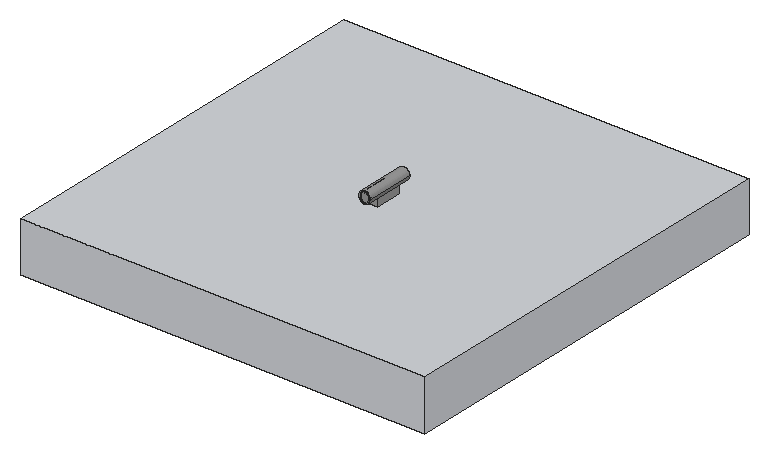
Revit family "LAMP_LUP WALL 70 DIRECT", category Luminarias, Revit 2018 (continued)
Types (2, lengths in mm): name | built-in parameter 1150107 | Product datasheet | Product code | built-in parameter 1150142 | built-in parameter 1150105 | built-in parameter 1150106 | Lumens | built-in parameter 1150104 | Efficacy | Archivo de red fotométrica
    0 0.00 0.00 0.00 0.00 0.00 0.00 0.00 0.00 \r\n0.00 0.00 0.00 \r\n455.10 519.06 571.98 620.30 667.84 704.68 728.46 735.39 \r\n732.36 720.10 696.24 665.81 629.59 582.14 540.26 506.31 \r\n477.16 450.80 425.61 388.46 340.11 280.19 201.38 133.51 \r\n78.88 50.88 34.09 27.81 24.73 21.54 18.10 14.51 11.42 \r\n8.89 6.96 5.41 4.20 3.34 2.58 1.90 1.35 0.90 0.55 0.32 \r\n0.19 0.00 0.00 0.00 0.00 0.00 0.00 0.00 0.00 0.00 0.00 \r\n0.00 0.00 0.00 0.00 0.00 0.00 0.00 0.00 0.00 0.00 0.00 \r\n0.00 0.00 0.00 0.00 0.00 0.00 0.00 0.00 0.00 0.00 0.00 \r\n0.00 0.00 0.00 0.00 0.00 0.00 0.00 0.00 0.00 0.00 0.00 \r\n0.00 0.00 0.00 \r\n455.10 516.10 566.12 611.38 654.20 686.90 709.05 713.63 \r\n708.91 694.95 671.86 643.24 608.09 563.84 525.45 493.57 \r\n466.56 441.43 417.08 377.86 328.14 267.64 189.69 124.09 \r\n72.90 48.03 33.09 27.33 24.11 20.87 17.40 13.89 10.92 \r\n8.53 6.74 5.28 4.11 3.29 2.54 1.86 1.33 0.89 0.54 0.32 \r\n0.18 0.00 0.00 0.00 0.00 0.00 0.00 0.00 0.00 0.00 0.00 \r\n0.00 0.00 0.00 0.00 0.00 0.00 0.00 0.00 0.00 0.00 0.00 \r\n0.00 0.00 0.00 0.00 0.00 0.00 0.00 0.00 0.00 0.00 0.00 \r\n0.00 0.00 0.00 0.00 0.00 0.00 0.00 0.00 0.00 0.00 0.00 \r\n0.00 0.00 0.00 \r\n455.10 513.06 560.18 602.43 640.36 668.82 687.99 691.59 \r\n685.75 671.12 647.83 619.43 586.32 545.80 510.06 480.82 \r\n456.15 432.17 407.87 367.23 316.17 254.93 178.01 114.69 \r\n67.12 45.10 32.11 26.76 23.49 20.19 16.70 13.26 10.41 \r\n8.15 6.51 5.15 4.04 3.22 2.50 1.84 1.31 0.88 0.52 0.31 \r\n0.18 0.00 0.00 0.00 0.00 0.00 0.00 0.00 0.00 0.00 0.00 \r\n0.00 0.00 0.00 0.00 0.00 0.00 0.00 0.00 0.00 0.00 0.00 \r\n0.00 0.00 0.00 0.00 0.00 0.00 0.00 0.00 0.00 0.00 0.00 \r\n0.00 0.00 0.00 0.00 0.00 0.00 0.00 0.00 0.00 0.00 0.00 \r\n0.00 0.00 0.00 \r\n455.10 509.96 554.17 593.47 626.53 650.83 666.70 669.19 \r\n662.25 646.51 623.68 596.36 565.25 527.71 495.09 468.42 \r\n445.74 422.91 398.37 356.63 304.18 241.55 166.30 105.19 \r\n60.79 42.19 31.12 26.17 22.86 19.51 16.00 12.64 9.91 7.84 \r\n6.30 5.01 3.95 3.17 2.45 1.82 1.29 0.87 0.53 0.31 0.18 \r\n0.00 0.00 0.00 0.00 0.00 0.00 0.00 0.00 0.00 0.00 0.00 \r\n0.00 0.00 0.00 0.00 0.00 0.00 0.00 0.00 0.00 0.00 0.00 \r\n0.00 0.00 0.00 0.00 0.00 0.00 0.00 0.00 0.00 0.00 0.00 \r\n0.00 0.00 0.00 0.00 0.00 0.00 0.00 0.00 0.00 0.00 0.00 \r\n0.00 0.00 \r\n455.10 506.79 548.08 584.49 612.75 632.94 646.19 647.32 \r\n639.20 622.57 599.47 573.14 543.22 509.19 479.73 455.50 \r\n435.02 413.54 389.59 346.09 292.11 228.73 154.64 95.79 \r\n54.60 39.26 30.15 25.60 22.24 18.83 15.30 12.03 9.41 7.48 \r\n6.07 4.88 3.88 3.11 2.41 1.78 1.27 0.85 0.53 0.30 0.18 \r\n0.00 0.00 0.00 0.00 0.00 0.00 0.00 0.00 0.00 0.00 0.00 \r\n0.00 0.00 0.00 0.00 0.00 0.00 0.00 0.00 0.00 0.00 0.00 \r\n0.00 0.00 0.00 0.00 0.00 0.00 0.00 0.00 0.00 0.00 0.00 \r\n0.00 0.00 0.00 0.00 0.00 0.00 0.00 0.00 0.00 0.00 0.00 \r\n0.00 0.00 \r\n455.10 503.58 541.94 575.30 599.00 616.63 627.33 627.35 \r\n617.73 600.97 578.48 552.49 524.33 493.21 466.27 444.18 \r\n425.05 404.44 380.81 335.41 280.15 216.01 143.30 86.76 \r\n48.70 36.54 29.18 25.00 21.60 18.15 14.61 11.42 8.93 7.15 \r\n5.87 4.76 3.80 3.06 2.38 1.76 1.26 0.85 0.52 0.30 0.18 \r\n0.00 0.00 0.00 0.00 0.00 0.00 0.00 0.00 0.00 0.00 0.00 \r\n0.00 0.00 0.00 0.00 0.00 0.00 0.00 0.00 0.00 0.00 0.00 \r\n0.00 0.00 0.00 0.00 0.00 0.00 0.00 0.00 0.00 0.00 0.00 \r\n0.00 0.00 0.00 0.00 0.00 0.00 0.00 0.00 0.00 0.00 0.00 \r\n0.00 0.00 \r\n455.10 500.35 535.76 565.90 586.80 601.93 610.23 608.70 \r\n599.02 582.68 561.26 537.19 510.86 481.95 456.94 435.88 \r\n417.11 395.84 370.02 323.69 268.21 204.65 134.48 81.10 \r\n46.37 35.24 28.35 24.19 20.80 17.42 14.00 10.99 8.65 6.97 \r\n5.74 4.67 3.73 3.00 2.34 1.74 1.25 0.84 0.52 0.30 0.18 \r\n0.00 0.00 0.00 0.00 0.00 0.00 0.00 0.00 0.00 0.00 0.00 \r\n0.00 0.00 0.00 0.00 0.00 0.00 0.00 0.00 0.00 0.00 0.00 \r\n0.00 0.00 0.00 0.00 0.00 0.00 0.00 0.00 0.00 0.00 0.00 \r\n0.00 0.00 0.00 0.00 0.00 0.00 0.00 0.00 0.00 0.00 0.00 \r\n0.00 0.00 \r\n455.10 497.08 529.52 556.51 574.83 587.48 594.20 591.03 \r\n581.45 565.93 546.08 524.06 499.65 472.81 449.08 428.95 \r\n409.75 387.35 360.25 312.12 256.08 193.31 126.09 75.88 \r\n44.36 34.08 27.53 23.31 19.98 16.68 13.42 10.59 8.38 6.81 \r\n5.62 4.59 3.68 2.96 2.31 1.72 1.24 0.84 0.52 0.30 0.18 \r\n0.00 0.00 0.00 0.00 0.00 0.00 0.00 0.00 0.00 0.00 0.00 \r\n0.00 0.00 0.00 0.00 0.00 0.00 0.00 0.00 0.00 0.00 0.00 \r\n0.00 0.00 0.00 0.00 0.00 0.00 0.00 0.00 0.00 0.00 0.00 \r\n0.00 0.00 0.00 0.00 0.00 0.00 0.00 0.00 0.00 0.00 0.00 \r\n0.00 0.00 \r\n455.10 493.78 523.19 547.17 563.01 573.29 577.86 573.50 \r\n564.20 549.99 531.75 511.07 488.61 463.45 441.07 421.71 \r\n402.27 378.89 349.66 300.38 243.94 182.05 117.92 70.78 \r\n42.14 32.90 26.70 22.50 19.15 15.94 12.80 10.17 8.12 6.63 \r\n5.50 4.50 3.62 2.92 2.28 1.70 1.24 0.84 0.52 0.30 0.18 \r\n0.00 0.00 0.00 0.00 0.00 0.00 0.00 0.00 0.00 0.00 0.00 \r\n0.00 0.00 0.00 0.00 0.00 0.00 0.00 0.00 0.00 0.00 0.00 \r\n0.00 0.00 0.00 0.00 0.00 0.00 0.00 0.00 0.00 0.00 0.00 \r\n0.00 0.00 0.00 0.00 0.00 0.00 0.00 0.00 0.00 0.00 0.00 \r\n0.00 0.00 \r\n455.10 490.45 516.82 537.88 551.32 559.14 561.36 556.44 \r\n547.15 533.61 517.14 498.57 477.79 454.17 433.11 414.53 \r\n394.94 370.40 339.78 288.74 231.99 170.73 109.49 65.72 \r\n39.82 31.75 25.86 21.66 18.34 15.20 12.23 9.77 7.86 6.49 \r\n5.39 4.41 3.54 2.87 2.25 1.67 1.22 0.84 0.51 0.30 0.18 \r\n0.00 0.00 0.00 0.00 0.00 0.00 0.00 0.00 0.00 0.00 0.00 \r\n0.00 0.00 0.00 0.00 0.00 0.00 0.00 0.00 0.00 0.00 0.00 \r\n0.00 0.00 0.00 0.00 0.00 0.00 0.00 0.00 0.00 0.00 0.00 \r\n0.00 0.00 0.00 0.00 0.00 0.00 0.00 0.00 0.00 0.00 0.00 \r\n0.00 0.00 \r\n455.10 487.09 510.44 528.65 539.71 545.05 545.31 539.32 \r\n529.61 517.83 502.61 485.58 466.75 445.15 425.26 407.36 \r\n387.49 361.93 329.00 277.03 219.78 159.43 101.16 60.50 \r\n38.56 30.59 25.04 20.79 17.51 14.46 11.62 9.36 7.61 6.32 \r\n5.27 4.33 3.50 2.83 2.22 1.66 1.22 0.83 0.51 0.30 0.18 \r\n0.00 0.00 0.00 0.00 0.00 0.00 0.00 0.00 0.00 0.00 0.00 \r\n0.00 0.00 0.00 0.00 0.00 0.00 0.00 0.00 0.00 0.00 0.00 \r\n0.00 0.00 0.00 0.00 0.00 0.00 0.00 0.00 0.00 0.00 0.00 \r\n0.00 0.00 0.00 0.00 0.00 0.00 0.00 0.00 0.00 0.00 0.00 \r\n0.00 0.00 \r\n455.10 483.72 504.05 519.47 528.07 531.10 529.44 522.14 \r\n512.92 501.39 488.09 472.78 455.63 435.99 417.32 400.29 \r\n380.11 353.48 319.84 265.36 207.82 148.21 92.85 55.36 \r\n36.13 29.43 24.21 19.98 16.70 13.72 11.02 8.96 7.35 6.15 \r\n5.15 4.25 3.44 2.78 2.19 1.65 1.21 0.83 0.50 0.30 0.18 \r\n0.00 0.00 0.00 0.00 0.00 0.00 0.00 0.00 0.00 0.00 0.00 \r\n0.00 0.00 0.00 0.00 0.00 0.00 0.00 0.00 0.00 0.00 0.00 \r\n0.00 0.00 0.00 0.00 0.00 0.00 0.00 0.00 0.00 0.00 0.00 \r\n0.00 0.00 0.00 0.00 0.00 0.00 0.00 0.00 0.00 0.00 0.00 \r\n0.00 0.00 \r\n455.10 480.29 497.64 510.33 516.49 517.32 513.84 505.46 \r\n496.00 485.66 473.25 459.97 444.43 426.54 409.09 392.93 \r\n372.74 344.73 308.32 253.54 195.74 136.88 84.40 50.23 \r\n34.48 28.29 23.39 19.14 15.87 12.99 10.46 8.55 7.09 6.00 \r\n5.03 4.16 3.38 2.74 2.16 1.64 1.20 0.83 0.50 0.30 0.18 \r\n0.00 0.00 0.00 0.00 0.00 0.00 0.00 0.00 0.00 0.00 0.00 \r\n0.00 0.00 0.00 0.00 0.00 0.00 0.00 0.00 0.00 0.00 0.00 \r\n0.00 0.00 0.00 0.00 0.00 0.00 0.00 0.00 0.00 0.00 0.00 \r\n0.00 0.00 0.00 0.00 0.00 0.00 0.00 0.00 0.00 0.00 0.00 \r\n0.00 0.00 \r\n455.10 476.81 491.24 501.15 504.98 503.86 498.64 489.94 \r\n479.86 470.18 458.93 446.11 432.53 415.18 399.26 382.89 \r\n362.24 333.69 296.29 241.25 183.90 126.62 77.86 46.37 \r\n32.45 27.13 22.48 18.25 15.15 12.39 10.00 8.25 6.88 5.85 \r\n4.92 4.07 3.31 2.69 2.13 1.62 1.20 0.82 0.51 0.30 0.18 \r\n0.00 0.00 0.00 0.00 0.00 0.00 0.00 0.00 0.00 0.00 0.00 \r\n0.00 0.00 0.00 0.00 0.00 0.00 0.00 0.00 0.00 0.00 0.00 \r\n0.00 0.00 0.00 0.00 0.00 0.00 0.00 0.00 0.00 0.00 0.00 \r\n0.00 0.00 0.00 0.00 0.00 0.00 0.00 0.00 0.00 0.00 0.00 \r\n0.00 0.00 \r\n455.10 473.31 484.84 492.00 493.52 490.64 484.16 474.94 \r\n464.96 455.24 444.28 432.14 418.69 402.56 386.76 370.60 \r\n349.01 319.74 282.96 227.78 172.50 118.18 72.80 43.93 \r\n31.46 25.96 21.48 17.50 14.52 11.93 9.66 8.04 6.73 5.73 \r\n4.82 3.99 3.24 2.65 2.10 1.60 1.19 0.82 0.51 0.30 0.17 \r\n0.00 0.00 0.00 0.00 0.00 0.00 0.00 0.00 0.00 0.00 0.00 \r\n0.00 0.00 0.00 0.00 0.00 0.00 0.00 0.00 0.00 0.00 0.00 \r\n0.00 0.00 0.00 0.00 0.00 0.00 0.00 0.00 0.00 0.00 0.00 \r\n0.00 0.00 0.00 0.00 0.00 0.00 0.00 0.00 0.00 0.00 0.00 \r\n0.00 0.00 \r\n455.10 469.80 478.44 482.89 482.00 477.64 470.05 460.18 \r\n450.47 440.38 429.68 418.05 404.86 389.65 374.17 358.37 \r\n335.72 305.73 267.57 214.29 160.91 108.77 67.75 41.47 \r\n29.88 24.81 20.49 16.67 13.88 11.48 9.41 7.83 6.58 5.60 \r\n4.71 3.90 3.17 2.61 2.08 1.58 1.19 0.82 0.51 0.30 0.17 \r\n0.00 0.00 0.00 0.00 0.00 0.00 0.00 0.00 0.00 0.00 0.00 \r\n0.00 0.00 0.00 0.00 0.00 0.00 0.00 0.00 0.00 0.00 0.00 \r\n0.00 0.00 0.00 0.00 0.00 0.00 0.00 0.00 0.00 0.00 0.00 \r\n0.00 0.00 0.00 0.00 0.00 0.00 0.00 0.00 0.00 0.00 0.00 \r\n0.00 0.00 \r\n455.10 466.28 472.05 473.82 470.56 464.41 456.14 445.71 \r\n435.57 425.66 415.20 403.67 391.14 376.74 361.58 345.85 \r\n322.40 291.69 252.88 201.12 149.30 99.56 62.83 39.03 \r\n28.27 23.65 19.51 15.81 13.25 11.03 9.12 7.63 6.43 5.47 \r\n4.60 3.81 3.11 2.56 2.05 1.57 1.18 0.82 0.52 0.30 0.16 \r\n0.00 0.00 0.00 0.00 0.00 0.00 0.00 0.00 0.00 0.00 0.00 \r\n0.00 0.00 0.00 0.00 0.00 0.00 0.00 0.00 0.00 0.00 0.00 \r\n0.00 0.00 0.00 0.00 0.00 0.00 0.00 0.00 0.00 0.00 0.00 \r\n0.00 0.00 0.00 0.00 0.00 0.00 0.00 0.00 0.00 0.00 0.00 \r\n0.00 0.00 \r\n455.10 462.75 465.56 464.80 459.21 451.31 441.78 431.24 \r\n421.05 410.91 400.48 389.41 377.50 363.78 349.00 333.02 \r\n309.07 277.71 238.59 187.77 137.95 91.29 57.84 36.61 \r\n27.13 22.48 18.51 14.94 12.62 10.58 8.83 7.42 6.28 5.34 \r\n4.49 3.73 3.05 2.52 2.02 1.55 1.17 0.83 0.52 0.30 0.16 \r\n0.00 0.00 0.00 0.00 0.00 0.00 0.00 0.00 0.00 0.00 0.00 \r\n0.00 0.00 0.00 0.00 0.00 0.00 0.00 0.00 0.00 0.00 0.00 \r\n0.00 0.00 0.00 0.00 0.00 0.00 0.00 0.00 0.00 0.00 0.00 \r\n0.00 0.00 0.00 0.00 0.00 0.00 0.00 0.00 0.00 0.00 0.00 \r\n0.00 0.00 \r\n455.10 459.22 459.09 455.66 447.93 438.37 427.66 416.69 \r\n406.20 396.12 385.92 375.24 363.85 350.76 336.44 320.30 \r\n295.72 263.73 224.46 174.46 126.44 82.65 52.85 34.17 \r\n25.83 21.32 17.52 14.14 11.99 10.13 8.54 7.22 6.12 5.22 \r\n4.39 3.65 2.99 2.47 1.99 1.53 1.17 0.83 0.52 0.29 0.15 \r\n0.00 0.00 0.00 0.00 0.00 0.00 0.00 0.00 0.00 0.00 0.00 \r\n0.00 0.00 0.00 0.00 0.00 0.00 0.00 0.00 0.00 0.00 0.00 \r\n0.00 0.00 0.00 0.00 0.00 0.00 0.00 0.00 0.00 0.00 0.00 \r\n0.00 0.00 0.00 0.00 0.00 0.00 0.00 0.00 0.00 0.00 0.00 \r\n0.00 0.00 \r\n455.10 455.69 452.64 446.50 436.46 425.28 413.53 402.18 \r\n391.64 381.43 371.34 360.95 350.08 337.78 323.93 307.65 \r\n282.38 249.73 210.14 161.14 115.00 73.86 47.83 31.71 \r\n24.43 20.16 16.53 13.33 11.36 9.67 8.24 7.01 5.97 5.09 \r\n4.28 3.56 2.92 2.43 1.96 1.52 1.16 0.83 0.52 0.29 0.15 \r\n0.00 0.00 0.00 0.00 0.00 0.00 0.00 0.00 0.00 0.00 0.00 \r\n0.00 0.00 0.00 0.00 0.00 0.00 0.00 0.00 0.00 0.00 0.00 \r\n0.00 0.00 0.00 0.00 0.00 0.00 0.00 0.00 0.00 0.00 0.00 \r\n0.00 0.00 0.00 0.00 0.00 0.00 0.00 0.00 0.00 0.00 0.00 \r\n0.00 0.00 \r\n455.10 452.17 446.21 437.40 425.08 412.16 399.18 386.63 \r\n375.17 364.72 354.48 344.16 333.57 321.60 308.12 292.08 \r\n266.37 233.65 194.55 147.32 103.64 65.62 43.18 29.42 \r\n23.09 19.02 15.56 12.55 10.76 9.25 7.95 6.81 5.81 4.96 \r\n4.18 3.47 2.86 2.38 1.93 1.50 1.16 0.83 0.52 0.29 0.15 \r\n0.00 0.00 0.00 0.00 0.00 0.00 0.00 0.00 0.00 0.00 0.00 \r\n0.00 0.00 0.00 0.00 0.00 0.00 0.00 0.00 0.00 0.00 0.00 \r\n0.00 0.00 0.00 0.00 0.00 0.00 0.00 0.00 0.00 0.00 0.00 \r\n0.00 0.00 0.00 0.00 0.00 0.00 0.00 0.00 0.00 0.00 0.00 \r\n0.00 0.00 \r\n455.10 448.65 439.81 428.34 413.79 399.16 384.99 371.28 \r\n358.90 347.74 336.73 325.66 314.33 301.46 287.30 270.95 \r\n245.17 213.53 176.73 133.56 94.18 60.40 40.45 28.04 22.12 \r\n18.20 14.89 12.09 10.43 9.01 7.78 6.66 5.68 4.85 4.09 \r\n3.41 2.81 2.34 1.91 1.50 1.17 0.84 0.52 0.30 0.16 0.00 \r\n0.00 0.00 0.00 0.00 0.00 0.00 0.00 0.00 0.00 0.00 0.00 \r\n0.00 0.00 0.00 0.00 0.00 0.00 0.00 0.00 0.00 0.00 0.00 \r\n0.00 0.00 0.00 0.00 0.00 0.00 0.00 0.00 0.00 0.00 0.00 \r\n0.00 0.00 0.00 0.00 0.00 0.00 0.00 0.00 0.00 0.00 0.00 \r\n0.00 \r\n455.10 445.14 433.45 419.34 402.59 386.22 370.68 355.54 \r\n341.84 329.57 317.50 305.38 292.95 278.89 263.90 247.32 \r\n222.24 192.49 158.68 120.19 85.41 55.85 38.14 26.88 21.23 \r\n17.49 14.35 11.70 10.16 8.81 7.62 6.52 5.56 4.74 4.01 \r\n3.35 2.77 2.32 1.89 1.50 1.18 0.85 0.53 0.30 0.16 0.00 \r\n0.00 0.00 0.00 0.00 0.00 0.00 0.00 0.00 0.00 0.00 0.00 \r\n0.00 0.00 0.00 0.00 0.00 0.00 0.00 0.00 0.00 0.00 0.00 \r\n0.00 0.00 0.00 0.00 0.00 0.00 0.00 0.00 0.00 0.00 0.00 \r\n0.00 0.00 0.00 0.00 0.00 0.00 0.00 0.00 0.00 0.00 0.00 \r\n0.00 \r\n455.10 441.65 427.10 410.38 391.39 373.32 356.36 339.85 \r\n324.92 311.48 298.28 285.05 271.51 256.33 240.51 223.77 \r\n199.32 171.44 140.62 106.81 76.65 51.19 35.83 25.72 20.32 \r\n16.77 13.81 11.32 9.89 8.61 7.46 6.38 5.44 4.63 3.93 3.30 \r\n2.73 2.29 1.88 1.50 1.18 0.86 0.54 0.30 0.16 0.00 0.00 \r\n0.00 0.00 0.00 0.00 0.00 0.00 0.00 0.00 0.00 0.00 0.00 \r\n0.00 0.00 0.00 0.00 0.00 0.00 0.00 0.00 0.00 0.00 0.00 \r\n0.00 0.00 0.00 0.00 0.00 0.00 0.00 0.00 0.00 0.00 0.00 \r\n0.00 0.00 0.00 0.00 0.00 0.00 0.00 0.00 0.00 0.00 0.00 \r\n455.10 438.17 420.79 401.44 380.28 360.52 342.17 324.14 \r\n307.87 293.36 279.10 264.76 250.08 233.72 217.12 200.31 \r\n176.37 150.42 122.63 93.43 67.90 46.37 33.51 24.54 19.37 \r\n16.06 13.26 11.00 9.62 8.41 7.31 6.24 5.31 4.52 3.85 3.24 \r\n2.69 2.26 1.86 1.50 1.19 0.87 0.55 0.30 0.16 0.00 0.00 \r\n0.00 0.00 0.00 0.00 0.00 0.00 0.00 0.00 0.00 0.00 0.00 \r\n0.00 0.00 0.00 0.00 0.00 0.00 0.00 0.00 0.00 0.00 0.00 \r\n0.00 0.00 0.00 0.00 0.00 0.00 0.00 0.00 0.00 0.00 0.00 \r\n0.00 0.00 0.00 0.00 0.00 0.00 0.00 0.00 0.00 0.00 0.00 \r\n455.10 434.71 414.64 392.57 369.26 347.80 327.82 308.40 \r\n290.91 275.24 259.87 244.48 228.69 211.12 193.72 176.55 \r\n153.42 129.40 104.64 80.09 59.16 42.15 31.19 23.37 18.56 \r\n15.34 12.72 10.65 9.35 8.22 7.15 6.10 5.19 4.42 3.78 3.19 \r\n2.65 2.23 1.85 1.49 1.20 0.89 0.56 0.31 0.16 0.00 0.00 \r\n0.00 0.00 0.00 0.00 0.00 0.00 0.00 0.00 0.00 0.00 0.00 \r\n0.00 0.00 0.00 0.00 0.00 0.00 0.00 0.00 0.00 0.00 0.00 \r\n0.00 0.00 0.00 0.00 0.00 0.00 0.00 0.00 0.00 0.00 0.00 \r\n0.00 0.00 0.00 0.00 0.00 0.00 0.00 0.00 0.00 0.00 0.00 \r\n455.10 431.28 408.54 383.80 358.34 335.15 313.53 292.78 \r\n273.89 257.13 240.67 224.17 207.35 188.53 170.29 152.51 \r\n130.46 108.36 86.51 66.74 50.42 37.89 28.89 22.21 17.72 \r\n14.62 12.17 10.29 9.09 8.01 7.00 5.97 5.07 4.32 3.69 3.13 \r\n2.61 2.20 1.83 1.49 1.20 0.90 0.56 0.31 0.17 0.00 0.00 \r\n0.00 0.00 0.00 0.00 0.00 0.00 0.00 0.00 0.00 0.00 0.00 \r\n0.00 0.00 0.00 0.00 0.00 0.00 0.00 0.00 0.00 0.00 0.00 \r\n0.00 0.00 0.00 0.00 0.00 0.00 0.00 0.00 0.00 0.00 0.00 \r\n0.00 0.00 0.00 0.00 0.00 0.00 0.00 0.00 0.00 0.00 0.00 \r\n455.10 427.86 402.48 375.13 347.84 322.61 299.42 277.36 \r\n256.92 239.40 221.48 204.40 186.09 166.61 146.88 129.10 \r\n107.82 87.33 68.87 53.32 41.70 33.39 26.57 21.04 16.77 \r\n13.91 11.62 9.87 8.82 7.81 6.84 5.83 4.94 4.22 3.61 3.07 \r\n2.58 2.17 1.81 1.50 1.21 0.90 0.57 0.31 0.17 0.00 0.00 \r\n0.00 0.00 0.00 0.00 0.00 0.00 0.00 0.00 0.00 0.00 0.00 \r\n0.00 0.00 0.00 0.00 0.00 0.00 0.00 0.00 0.00 0.00 0.00 \r\n0.00 0.00 0.00 0.00 0.00 0.00 0.00 0.00 0.00 0.00 0.00 \r\n0.00 0.00 0.00 0.00 0.00 0.00 0.00 0.00 0.00 0.00 0.00 \r\n455.10 424.48 396.46 366.56 337.54 310.15 285.87 262.09 \r\n241.10 221.91 204.03 185.52 168.09 147.74 129.95 112.17 \r\n92.25 74.59 58.04 45.65 36.67 30.73 25.07 20.24 16.23 \r\n13.45 11.27 9.66 8.63 7.66 6.71 5.71 4.85 4.14 3.55 3.02 \r\n2.55 2.16 1.80 1.50 1.23 0.92 0.57 0.32 0.17 0.00 0.00 \r\n0.00 0.00 0.00 0.00 0.00 0.00 0.00 0.00 0.00 0.00 0.00 \r\n0.00 0.00 0.00 0.00 0.00 0.00 0.00 0.00 0.00 0.00 0.00 \r\n0.00 0.00 0.00 0.00 0.00 0.00 0.00 0.00 0.00 0.00 0.00 \r\n0.00 0.00 0.00 0.00 0.00 0.00 0.00 0.00 0.00 0.00 0.00 \r\n455.10 421.23 390.50 358.42 327.39 298.23 272.42 247.59 \r\n225.50 205.75 187.07 169.08 151.65 133.74 117.29 102.04 \r\n84.63 68.66 54.33 43.56 35.40 29.79 24.42 19.77 15.90 \r\n13.22 11.10 9.53 8.52 7.55 6.60 5.61 4.78 4.08 3.51 2.99 \r\n2.52 2.14 1.81 1.51 1.24 0.93 0.58 0.32 0.17 0.00 0.00 \r\n0.00 0.00 0.00 0.00 0.00 0.00 0.00 0.00 0.00 0.00 0.00 \r\n0.00 0.00 0.00 0.00 0.00 0.00 0.00 0.00 0.00 0.00 0.00 \r\n0.00 0.00 0.00 0.00 0.00 0.00 0.00 0.00 0.00 0.00 0.00 \r\n0.00 0.00 0.00 0.00 0.00 0.00 0.00 0.00 0.00 0.00 0.00 \r\n455.10 418.07 384.60 350.49 317.38 286.53 259.10 233.26 \r\n210.20 189.56 170.54 152.67 135.81 119.87 105.34 91.87 \r\n77.02 63.26 51.07 41.45 34.12 28.87 23.74 19.3
